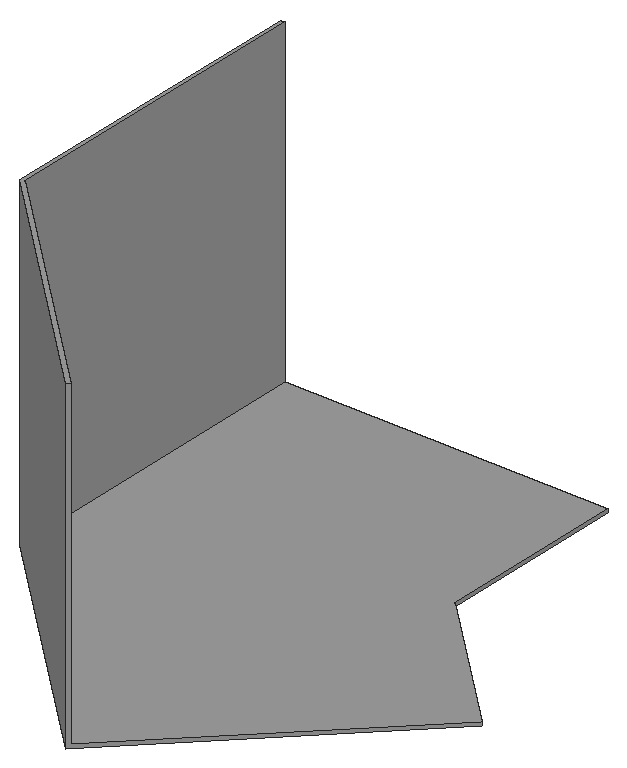
Revit family "Flashing_Preformed_Hyload_Inside135", category Generic Models, Revit 2015
Parameters (values of type "As Specified")
  Unit Width = 0' - 6"
  Unit Height = 0' - 6"
  Unit Depth = 0' - 6"
  URL = "http://www.hyload.com/"
  Thickness = 0' - 0 1/16"
  Specification = "http://www.arcat.com/sdspecs/htm04/07_65_00hyl.htm"
  Sales Information = "http://www.hyload.com/contact-us"
  Revision = "R1_12-2015"
  Product Properties = "http://www.hyload.com/masonry-flashing/preformed-shapes/"
  Product Data = "http://www.arcat.com/arcatcos/cos33/arc33176.html"
  Model = "Inside Corner (135)"
  Manufacturer Website = "http://www.hyload.com/"
  Manufacturer Phone - Toll Free = "800-457-4056"
  Manufacturer Phone = "330-769-3546"
  Manufacturer Fax = "330-769-4153"
  Manufacturer Address = "5020 Panther Pkwy., Seville, OH 44273"
  Manufacturer = "Hyload"
  Keynote = "07 65 00"
  Flashing Material = Hyload Flashing Membrane - Grey
  Drawn By = "Robert S. Weygant / Sumex Design"
  Description = "Preformed Hyload Masonry Flashing - Inside Corner (135)"
  Copyright = "(c) ARCAT, Inc, 2015"
  Construction Details = "http://www.arcat.com/details/hyload/hyload.html?coid=33176"
  Assembly Code = "B3010400"
Reference planes (in)
  plane 1 "Center (Front/Back)": y = 0
  plane 2: z = 0
  plane 3 "Center (Left/Right)": x = 0
  plane 4: y = 6
  plane 5: x = 6
  plane 6: z = 6
Forms (in)
  Extrusion 1, solid, material "Hyload Flashing Membrane - Grey" <- "Flashing Material"
    sketch origin (0, 0, 0) x (1, 0, 0) y (0, 1, 0)
      loop
        line (0, 6) -> (0, 0) -> (4.24264, -4.24264) -> (8.48528, 0) -> (6, 2.48528) -> (6, 6) -> (0, 6)
    from 0 to 0.0625 <- "Thickness"
  Extrusion 2, solid, material "Hyload Flashing Membrane - Grey" <- "Flashing Material"
    sketch origin (0, 0, 0) x (1, 0, 0) y (0, 1, 0)
      loop
        line (0, 6) -> (0, 0) -> (4.24264, -4.24264) -> (4.28683, -4.19845) -> (0.0625, 0.02589) -> (0.0625, 6) -> (0, 6)
    from 0 to 6 <- "Unit Height"
Cuts and joins
  joined: Extrusion 1, Extrusion 2
Dimensions and locks (in)
  "Unit Depth": plane 1 "Center (Front/Back)" to plane 4
  "Unit Width": plane 3 "Center (Left/Right)" to plane 5
  "Unit Height": plane 6 to level
  "Thickness": plane 3 "Center (Left/Right)" to Extrusion 2 sketch curve
  "Unit Depth": Extrusion 2 sketch curve to Extrusion 2 sketch curve
  "Thickness": Extrusion 2 sketch curve to Extrusion 2 sketch curve
  aligned and locked: plane 2 to level
  aligned and locked: Extrusion 1 sketch curve to plane 4
  aligned and locked: plane 3 "Center (Left/Right)" to Extrusion 1 sketch curve
  aligned and locked: Extrusion 1 sketch curve to plane 5
  aligned and locked: plane 4 to Extrusion 2 sketch curve
  aligned and locked: Extrusion 2 sketch curve to plane 3 "Center (Left/Right)"
  aligned and locked: Extrusion 2 to level
Automatic sketch dimensions
  plane 1 "Center (Front/Back)" to Extrusion 2 sketch curve = 0' - 0"
  Extrusion 2 sketch curve to Extrusion 2 sketch curve = 0' - 0.04419"
  plane 1 "Center (Front/Back)" to Extrusion 1 sketch curve = 0' - 0"  (x2)
  Extrusion 1 sketch curve to plane 5 = 0' - 1.75736"
  plane 5 to Extrusion 1 sketch curve = 0' - 2.48528"
